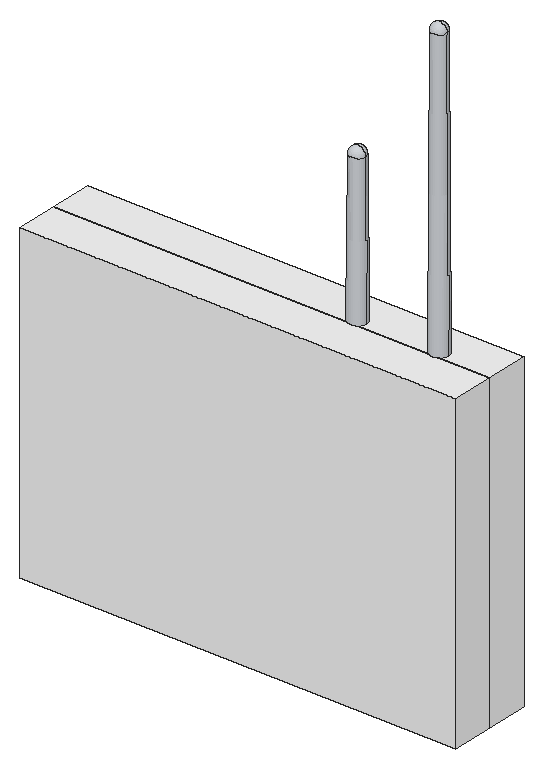
Revit family "IQ8Wireless transponder", category Fire Alarm Devices, Revit 2014
Parameters
  I/O unit [instance] = "I/O unit"
  material 2 = Grey
  material = White
  l1 = 200 mm
  h2 = 280 mm
  h1 = 144 mm
  distance to the wall [instance] = 0 mm
  distance symbol from center [instance] = 0 mm
  content_version = "1.0"
  content_date_modified = "16.06.2015"
  content_date_creation = "16.06.2015"  # constant formula
  b3 = 8 mm
  b2 = b1 / 2  # 19.5 mm
  b1 = 39 mm
  article number = "805595.10"
  URL = "https://www.esser-systems.com/en/produkte/details/wireless-components/wireless-modules/80559510-iq8wireless-transponder-for-devices-wall-mount.html"
  Model = "IQ8Wireless transponder for devices, wall mount"
  Manufacturer = "Esser by Honeywell"  # constant formula
  GTIN = ""
  GLN = ""
Reference planes
  plane 1 "Center (Front/Back)": y = 0
  plane 2: z = 0
  plane 3 "Center (Left/Right)": x = 0
  plane 4 "Left": x = 100
  plane 5 "Right": x = -100
  plane 6 "Front": y = 39
  plane 7 "Top": z = 72
  plane 8 "Flip Front": y = 19.5
  plane 9 "Bottom": z = -72
  plane 10: z = 208
Forms (mm)
  Extrusion 1, solid, material "White" <- "material"
    sketch origin (0, 0, 0) x (-1, 0, 0) y (0, -1, 0)
      loop
        line (-100, 0) -> (-100, -19.5) -> (100, -19.5) -> (100, 0) -> (-100, 0)
    from -72 to 72
  Extrusion 2, solid, material "White" <- "material"
    sketch origin (0, 0, 0) x (-1, 0, 0) y (0, -1, 0)
      loop
        line (-100, -39) -> (100, -39) -> (100, -19.5) -> (-100, -19.5) -> (-100, -39)
    from -72 to 72
  Extrusion 3, solid, material "Grey" <- "material 2"
    sketch origin (0, 39, 0) x (1, 0, 0) y (0, 0, 1)
      loop
        line (83.801, 63) -> (-91, 63) -> (-91, -63) -> (83.801, -63) -> (83.801, 63)
      loop
        line (60.444, 11.718) -> (10.444, 11.718) -> (10.444, 1.718) -> (60.444, 1.718) -> (60.444, 11.718)
      loop
        line (60.444, 27.718) -> (10.444, 27.718) -> (10.444, 17.718) -> (60.444, 17.718) -> (60.444, 27.718)
      loop
        line (60.444, 43.718) -> (10.444, 43.718) -> (10.444, 33.718) -> (60.444, 33.718) -> (60.444, 43.718)
      loop
        line (60.444, 59.718) -> (10.444, 59.718) -> (10.444, 49.718) -> (60.444, 49.718) -> (60.444, 59.718)
      loop
        circle (91.009, -11.369) r 5
    from 0 to -1
  Revolve 4, solid, material "Green"
    sketch origin (75.944, 0, 0) x (0, -1, 0) y (0, 0, 1)
      loop
        line (-40, 54.718) -> (-40, 56.718)
        arc (-40, 56.718) -> (-41.414, 56.133) -> (-42, 54.718) r 2
        line (-42, 54.718) -> (-40, 54.718)
      axis (-42, 54.718) -> (-40, 54.718)
    angle from 0 to 360
  Revolve 5, solid, material "Red"
    sketch origin (75.944, 0, -16) x (0, -1, 0) y (0, 0, 1)
      loop
        line (-40, 54.718) -> (-40, 56.718)
        arc (-40, 56.718) -> (-41.414, 56.133) -> (-42, 54.718) r 2
        line (-42, 54.718) -> (-40, 54.718)
      axis (-42, 54.718) -> (-40, 54.718)
    angle from 0 to 360
  Revolve 6, solid, material "Yellow"
    sketch origin (75.944, 0, -32) x (0, -1, 0) y (0, 0, 1)
      loop
        line (-40, 54.718) -> (-40, 56.718)
        arc (-40, 56.718) -> (-41.414, 56.133) -> (-42, 54.718) r 2
        line (-42, 54.718) -> (-40, 54.718)
      axis (-42, 54.718) -> (-40, 54.718)
    angle from 0 to 360
  Revolve 7, solid, material "Yellow"
    sketch origin (75.944, 0, -48) x (0, -1, 0) y (0, 0, 1)
      loop
        line (-40, 54.718) -> (-40, 56.718)
        arc (-40, 56.718) -> (-41.414, 56.133) -> (-42, 54.718) r 2
        line (-42, 54.718) -> (-40, 54.718)
      axis (-42, 54.718) -> (-40, 54.718)
    angle from 0 to 360
  Revolve 8, solid
    sketch origin (200, 23, 0) x (1, 0, 0) y (0, 0, 1)
      loop
        line (-130, 72) -> (-125.822, 72) -> (-125.822, 208)
        arc (-125.822, 208) -> (-128.32, 206.965) -> (-129.354, 204.468) r 3.532
        line (-129.354, 204.468) -> (-130, 72)
      axis (-125.822, 72) -> (-125.822, 208)
    angle from 0 to 360
  Revolve 9, solid
    sketch origin (162.465, 23, 0) x (1, 0, 0) y (0, 0, 1)
      loop
        line (-130, 72) -> (-125.822, 72) -> (-125.822, 143.952)
        arc (-125.822, 143.952) -> (-128.32, 142.918) -> (-129.354, 140.42) r 3.532
        line (-129.354, 140.42) -> (-130, 72)
      axis (-125.822, 72) -> (-125.822, 143.952)
    angle from 0 to 360
Dimensions and locks
  equal spacing: plane 4 "Left", plane 3 "Center (Left/Right)", plane 5 "Right"
  "b1": plane 1 "Center (Front/Back)" to plane 6 "Front"
  "l1": plane 4 "Left" to plane 5 "Right"
  locked: plane 2 to level
  "b2": plane 1 "Center (Front/Back)" to plane 8 "Flip Front"
  equal spacing: plane 7 "Top", level, plane 9 "Bottom"
  "h1": plane 7 "Top" to plane 9 "Bottom"
  "h2": plane 10 to plane 9 "Bottom"
  aligned and locked: plane 1 "Center (Front/Back)" to Extrusion 1 sketch curve
  aligned and locked: plane 4 "Left" to Extrusion 1 sketch curve
  aligned and locked: plane 8 "Flip Front" to Extrusion 1 sketch curve
  aligned and locked: plane 5 "Right" to Extrusion 1 sketch curve
  aligned and locked: Extrusion 2 sketch curve to plane 6 "Front"
  aligned and locked: Extrusion 2 sketch curve to plane 4 "Left"
  aligned and locked: plane 8 "Flip Front" to Extrusion 2 sketch curve
  aligned and locked: Extrusion 2 sketch curve to plane 5 "Right"
  aligned and locked: Extrusion 2 to plane 9 "Bottom"
  aligned and locked: Extrusion 1 to plane 9 "Bottom"
  aligned and locked: plane 7 "Top" to Extrusion 2
  aligned and locked: plane 7 "Top" to Extrusion 1
Automatic sketch dimensions
  plane 5 "Right" to Extrusion 3 sketch curve = 9 mm
  Extrusion 3 sketch curve to plane 3 "Center (Left/Right)" = 10.444 mm  (x2)
  Extrusion 3 sketch curve to Extrusion 3 sketch curve = 0 mm  (x5)
  plane 4 "Left" to Extrusion 3 sketch curve = 39.556 mm
  level to Extrusion 3 sketch curve = 1.718 mm
  plane 4 "Left" to Extrusion 3 sketch curve = 16.199 mm
  plane 4 "Left" to Extrusion 3 sketch curve = 8.991 mm
  Extrusion 3 sketch curve to level = 11.369 mm
  plane 9 "Bottom" to Extrusion 3 sketch curve = 9 mm
  Extrusion 3 sketch curve to Extrusion 3 sketch curve = 10 mm  (x4)
  Extrusion 3 sketch curve to Extrusion 3 sketch curve = 6 mm  (x3)
  Extrusion 3 sketch curve to plane 7 "Top" = 9 mm
  Revolve 4 sketch curve to plane 6 "Front" = 3 mm
  Revolve 4 sketch curve to plane 6 "Front" = 1 mm
  Revolve 4 sketch curve to plane 7 "Top" = 17.282 mm
  Revolve 4 sketch curve to Revolve 4 sketch curve = 0 mm  (x2)
  plane 6 "Front" to Revolve 4 sketch curve = 9 mm
  Revolve 5 sketch curve to plane 6 "Front" = 3 mm
  Revolve 5 sketch curve to plane 6 "Front" = 1 mm
  Revolve 5 sketch curve to plane 7 "Top" = 33.282 mm
  Revolve 5 sketch curve to Revolve 5 sketch curve = 0 mm  (x2)
  plane 6 "Front" to Revolve 5 sketch curve = 9 mm
  Revolve 6 sketch curve to plane 6 "Front" = 3 mm
  Revolve 6 sketch curve to plane 6 "Front" = 1 mm
  level to Revolve 6 sketch curve = 22.718 mm
  Revolve 6 sketch curve to Revolve 6 sketch curve = 0 mm  (x2)
  plane 6 "Front" to Revolve 6 sketch curve = 9 mm
  Revolve 7 sketch curve to plane 6 "Front" = 3 mm
  Revolve 7 sketch curve to plane 6 "Front" = 1 mm
  level to Revolve 7 sketch curve = 6.718 mm  (x2)
  Revolve 7 sketch curve to Revolve 7 sketch curve = 0 mm
  plane 6 "Front" to Revolve 7 sketch curve = 9 mm
  Revolve 8 sketch curve to plane 7 "Top" = 0 mm  (x2)
  Revolve 8 sketch curve to plane 10 = 0 mm
  plane 4 "Left" to Revolve 8 sketch curve = 30 mm
  Revolve 8 sketch curve to plane 10 = 3.532 mm
  plane 4 "Left" to Revolve 8 sketch curve = 29.354 mm
  plane 4 "Left" to Revolve 8 sketch curve = 25.822 mm
  Revolve 8 sketch curve to Revolve 8 sketch curve = 35 mm
  Revolve 9 sketch curve to plane 7 "Top" = 0 mm  (x2)
  Revolve 9 sketch curve to plane 3 "Center (Left/Right)" = 32.465 mm
  Revolve 9 sketch curve to plane 3 "Center (Left/Right)" = 33.111 mm
  Revolve 9 sketch curve to Revolve 9 sketch curve = 3.532 mm
  Revolve 9 sketch curve to plane 10 = 67.58 mm
  Revolve 9 sketch curve to Revolve 9 sketch curve = 0 mm
  Revolve 9 sketch curve to Revolve 9 sketch curve = 33.42 mm
  radius of Extrusion 3 sketch curve = 5 mm
Nested families
  nested 1: "NLRS_65_GA_UN_draadloze IO unit_generiek_CGA_ENG" at (0, 0, 0), distance to the wall <- "distance to the wall", distance symbol from center <- "distance symbol from center", I/O unit <- "I/O unit", type "I/O unit draadloos_generiek"
    with distance to the wall 0 mm, distance symbol from center 0 mm, atdm 0 mm, afst mid plus 0 mm, afst mid min 0 mm, I/O unit "I/O unit"
Connectors
  electrical at (0, 0, 0)
    settings: on Extrusion 1, index 1, voltage 0 V, apparent load 0 VA, apparent load phase1 0 VA, apparent load phase2 0 VA, apparent load phase3 0 VA, power factor 1, load classification "Other", number of poles 1, system type 11, power factor state 1, is connector primary yes, connector utility no, sub classification motor no, connector description ""
Definition of nested family "NLRS_65_GA_UN_draadloze IO unit_generiek_CGA_ENG"
  Parameters (values of type "I/O unit draadloos_generiek")
    content_version = "3.4"  # constant formula
    content_modified_date = "01-09-2013"  # constant formula
    content_creation_date = "01-01-2012"  # constant formula
    atdm [instance] = if(distance to the wall < 0 mm, -1 * distance to the wall, distance to the wall)  # 0 mm
    distance to the wall [instance] = 0 mm
    distance symbol from center [instance] = 0 mm
    afst mid plus [instance] = if(distance symbol from center > 0 mm, distance symbol from center, 0 mm)  # 0 mm
    afst mid min [instance] = if(distance symbol from center < 0 mm, -1 * distance symbol from center, 0 mm)  # 0 mm
    Description = "I/O unit"  # constant formula
    Copyright © Cadac = "www.cadac.com/aec"
    I/O unit [instance] = ""
  Reference planes
    plane 1: y = 0
    plane 2: x = 0
  Lines and regions (mm)
    reference lines, not visible
      curve 1: line (0, 8.982, 0) -> (0, -8.267, 0)
      curve 2: line (0, -8.267, 0) -> (0, 9, 0)
      curve 3: line (-13, 0, 0) -> (13.702, 0, 0)
    detail lines, style "Electrical Equipment_Fire Safety Equipment"
      curve 4: line (5, 5, 0) -> (5, 0, 0)
      curve 5: line (5, 0, 0) -> (-5, 0, 0)
      curve 6: line (-5, 0, 0) -> (-5, 5, 0)
      curve 7: line (0, 5, 0) -> (5, 5, 0)
      curve 8: line (0, 5, 0) -> (-5, 5, 0)
    detail lines, not visible
      curve 9: arc (-1.5, 9, 0) -> (0, 7.5, 0) -> (1.5, 9, 0) r 1.5
      curve 10: circle (-1.933, 6.116, 0) r 0.5 normal (0, 0, 1)
      curve 11: line (0, 0, 0) -> (0, 7.5, 0)
      curve 12: line (-1.5, 7.5, 0) -> (1.5, 7.5, 0)
      curve 13: line (1.5, 1.134, 0) -> (-1.5, 2.866, 0)
      curve 14: line (1.5, 2.134, 0) -> (-1.5, 3.866, 0)
      curve 15: line (1.5, 3.134, 0) -> (-1.5, 4.866, 0)
      curve 16: line (1.5, 4.134, 0) -> (-1.5, 5.866, 0)
      curve 17: line (-3, 7.732, 0) -> (1.5, 5.134, 0)
      curve 18: line (-3, 8.982, 0) -> (-3, 6.482, 0)
      curve 19: line (1.299, 8.25, 0) -> (-1.299, 8.25, 0)
      curve 20: line (1.161, 8.05, 0) -> (-1.161, 8.05, 0)
      curve 21: line (0.963, 7.85, 0) -> (-0.963, 7.85, 0)
      curve 22: line (0.654, 7.65, 0) -> (-0.654, 7.65, 0)
      curve 23: arc (-1.683, 6.116, 0) -> (-1.933, 6.366, 0) -> (-2.183, 6.116, 0) r 0.25
      curve 24: arc (-2.183, 6.116, 0) -> (-1.933, 5.866, 0) -> (-1.683, 6.116, 0) r 0.25
      curve 38: line (-1, 6, 0) -> (-1, 9.95, 0)
      curve 39: arc (-2.3, 8.271, 0) -> (-3.349, 10.244, 0) -> (-2.3, 12.218, 0) r 2.381
      curve 40: arc (-0.331, 8.881, 0) -> (0.43, 10.213, 0) -> (-0.331, 11.545, 0) r 1.547
      curve 41: arc (0.364, 8.271, 0) -> (1.413, 10.244, 0) -> (0.364, 12.218, 0) r 2.381
      curve 42: circle (-1, 10.186, 0) r 0.5 normal (0, 0, 1)
      curve 43: arc (-1.642, 8.929, 0) -> (-2.43, 10.246, 0) -> (-1.642, 11.563, 0) r 1.493
    detail lines, style "Electrical Equipment_Fire Safety Equipment", not visible
      curve 25: line (0, 0, 0) -> (0, 0.2, 0)
      curve 32: line (4, 6, 0) -> (4, 1, 0)
      curve 33: line (4, 1, 0) -> (-6, 1, 0)
      curve 34: line (-6, 1, 0) -> (-6, 6, 0)
      curve 35: line (-1, 6, 0) -> (4, 6, 0)
      curve 36: line (-1, 6, 0) -> (-6, 6, 0)
      curve 37: line (-1, 1, 0) -> (-1, 1.2, 0)
    detail lines
      curve 26: line (0, 5, 0) -> (0, 8.95, 0)
      curve 27: arc (-1.3, 7.271, 0) -> (-2.349, 9.244, 0) -> (-1.3, 11.218, 0) r 2.381
      curve 28: arc (0.669, 7.881, 0) -> (1.43, 9.213, 0) -> (0.669, 10.545, 0) r 1.547
      curve 29: arc (1.364, 7.271, 0) -> (2.413, 9.244, 0) -> (1.364, 11.218, 0) r 2.381
      curve 30: circle (0, 9.186, 0) r 0.5 normal (0, 0, 1)
      curve 31: arc (-0.642, 7.929, 0) -> (-1.43, 9.246, 0) -> (-0.642, 10.563, 0) r 1.493
  Text (mm)
    text "Cadac Group AEC" at (-305.182, -0.685, 0), not visible
    label "I/O unit" at (-0.333, 2.674, 0), shows "I/O unit"
    label "I/O unit" at (-1.333, 3.674, 0), shows "I/O unit", not visible
  Dimensions and locks
    "atdm": plane 1 to curve 3
    "afst mid plus": curve 1 to curve 2
    "afst mid min": plane 2 to curve 2
    aligned and locked: curve 1 to curve 25
    aligned and locked: curve 5 to curve 3
  Automatic sketch dimensions
    curve 8 to curve 4 = 5 mm
    curve 25 to curve 4 = 5 mm
    curve 8 to curve 7 = 5 mm
    curve 25 to curve 7 = 4.8 mm
    curve 5 to curve 4 = 5 mm
    curve 27 to curve 7 = 1.3 mm  (x2)
    curve 7 to curve 27 = 2.271 mm
    curve 27 to curve 27 = 1.973 mm
    curve 27 to curve 31 = 0.658 mm  (x3)
    curve 27 to curve 31 = 0.031 mm
    curve 27 to curve 31 = 0.002 mm
    curve 26 to curve 27 = 0.032 mm
    curve 26 to curve 27 = 0.295 mm
    curve 30 to curve 27 = 0.032 mm
    curve 30 to curve 27 = 0.058 mm
    curve 28 to curve 30 = 0.117 mm
    curve 31 to curve 28 = 1.311 mm
    curve 26 to curve 28 = 0.669 mm
    curve 28 to curve 26 = 1.069 mm
    curve 30 to curve 28 = 0.027 mm
    curve 27 to curve 29 = 0 mm  (x2)
    curve 28 to curve 29 = 0.695 mm  (x2)
    curve 29 to curve 28 = 0.61 mm
    curve 36 to curve 32 = 5 mm
    curve 37 to curve 32 = 5 mm
    curve 36 to curve 35 = 5 mm
    curve 37 to curve 35 = 4.8 mm
    curve 33 to curve 32 = 5 mm
    curve 39 to curve 35 = 1.3 mm  (x2)
    curve 35 to curve 39 = 2.271 mm
    curve 39 to curve 39 = 1.973 mm
    curve 39 to curve 43 = 0.658 mm  (x3)
    curve 39 to curve 43 = 0.031 mm
    curve 39 to curve 43 = 0.002 mm
    curve 38 to curve 39 = 0.032 mm
    curve 38 to curve 39 = 0.295 mm
    curve 42 to curve 39 = 0.032 mm
    curve 42 to curve 39 = 0.058 mm
    curve 40 to curve 42 = 0.117 mm
    curve 43 to curve 40 = 1.311 mm
    curve 38 to curve 40 = 0.669 mm
    curve 40 to curve 38 = 1.069 mm
    curve 42 to curve 40 = 0.027 mm
    curve 39 to curve 41 = 0 mm  (x2)
    curve 40 to curve 41 = 0.695 mm  (x2)
    curve 41 to curve 40 = 0.61 mm
    curve 3 to plane 2 = 13 mm
    plane 2 to curve 3 = 13.702 mm
    plane 1 to curve 2 = 8.267 mm
    curve 1 to curve 2 = 0 mm
    curve 1 to plane 1 = 8.982 mm
    curve 1 to curve 2 = 0.018 mm
    radius of curve 30 = 0.5 mm
    radius of curve 42 = 0.5 mm
